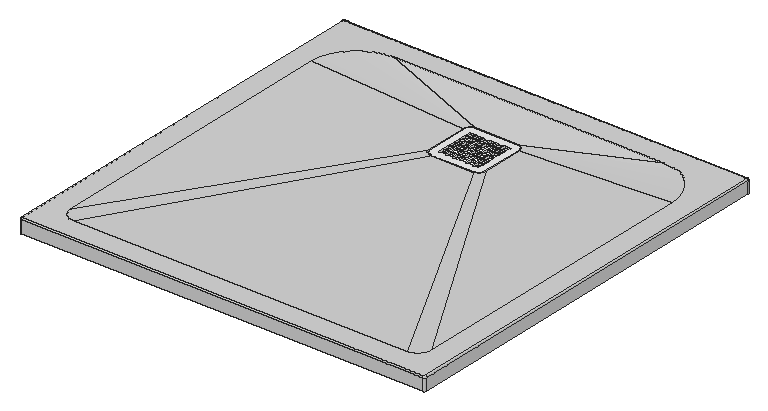
Revit family "IS_UltraFlatS_K8215_BIM_DE", category Plumbing Fixtures, host Face, Revit 2016
Family settings
  Host = Face
  Part Type = Normal
  Round Connector Dimension = Use Diameter
  OmniClass Number = 23.45.05.14.21.11
  OmniClass Title = Bath/Shower Units
  Cut with Voids When Loaded = No
  Shared = No
  Room Calculation Point = No
Parameters (values of type "K8215FS - ULTRAFLAT S PD 90X90 GRIGIO CEMENTO")
  WarrantyStartDate = "n/a"
  WarrantyGuarantorParts = "n/a"
  WarrantyGuarantorLabor = "n/a"
  WarrantyDurationUnit = "n/a"
  WarrantyDurationParts = "n/a"
  WarrantyDurationLabor = "n/a"
  WarrantyDescription = "n/a"
  WFU = 0
  VolumeUnits = "Litres"
  Version = "1"
  Uniclass2015Version = "Products v1.1"
  Uniclass2015Title = "Shower trays"
  Uniclass2015Code = "Pr_40_20_06_84"
  URL = "www.idealstandard.de"
  Type Comments = "n/a"
  TagNumber = "n/a"
  SustainabilityPerformance = "n/a"
  Space = "Internal"
  Size = "900 x 900 x 30 mm"
  Shape = "Rectangular"
  SerialNumber = "n/a"
  ReplacementCost = "n/a"
  ProductInformation = "www.idealstandard.de"
  PredefinedType = "n/a"
  Phone = "+49228 5210"
  NominalWidth = 900 mm
  NominalLength = 900 mm
  NominalHeight = 30 mm
  NominalDepth = 0 mm
  Name = "ISI_IdealStandard_Showers_Ultra Flat S_K8215FS"
  ModelReference = "IS Quadratische-Brausewanne ULTRAFLAT S, 900x900x30mm, Quarzgrau"
  ModelNumber = "K8215FS"
  Model = "K8215FS"
  Material = "Sanitary Brass"
  ManufacturerURL = "www.idealstandard.de"
  Manufacturer = "idealstandard.de@idealstandard.com"
  MainMaterial = IS_RenderMaterial_Grey
  LinearUnits = "millimeters"
  Keynote = ""
  InstallationInstructions = "www.idealstandard.de\\produkte"
  InstallationDate = "1900-12-31T23:59:59"
  Help = "idealstandard.de@idealstandard.com"
  HWFU = 0
  GrossWeight = "30,5 kg"
  Grade = "n/a"
  Finish = "Concrete Grey"
  Features = "ULTRA FLAT S square shower tray 900x900mm"
  ExpectedLife = "25"
  DurationUnit = "year"
  DistributedBy = "n/a"
  Description = "Ultraflat S Pd 90 x 90 Grigio Cemento"
  Default Elevation = 0 mm
  CurrencyUnit = "€"
  CreatedOn = "42774"
  Cost = 0
  Constituents = "n/a"
  ConnectionType = "Plumbing"
  Color = "Concrete Grey"
  CodePerformance = "0"
  CWFU = 0
  Brand = "Ideal Standard"
  BarCode = "4015413070515"
  BIMObjectName = "ISI_IdealStandard_Showers_Ultra Flat S_K8215FS"
  Author = "Ideal Standard"
  AssetType = "Fixed"
  AssetIdentifier = "n/a"
  Assembly Code = "C1030200"
  AreaUnits = "millimeters"
  AreaMeasurement = "n/a"
  Accessories = "www.idealstandard.de\\ersatzteile"
  AccessibilityPerformance = "n/a"
Types (5, lengths in mm): name | Name | ModelReference | ModelNumber | Model | MainMaterial | Finish | Description | Color | BarCode | BIMObjectName
  K8215FR - ULTRAFLAT S PD 90X90 BIANCO | "ISI_IdealStandard_Showers_Ultra Flat S_K8215FR" | "IS Quadratische-Brausewanne ULTRAFLAT S, 900x900x30mm, Carraraweiß" | "K8215FR" | "K8215FR" | IS_RenderMaterial_White | "Pure White" | "Ultraflat S Pd 90 x 90 Bianco" | "Pure White" | "4015413067522" | "ISI_IdealStandard_Showers_Ultra Flat S_K8215FR"
  K8215FT - ULTRAFLAT S PD 90X90 SABBIA | "ISI_IdealStandard_Showers_Ultra Flat S_K8215FT" | "IS Quadratische-Brausewanne ULTRAFLAT S, 900x900x30mm, Sandstein" | "K8215FT" | "K8215FT" | IS_RenderMaterial_Sand | "Beach Sand" | "Ultraflat S Pd 90 x 90 Sabbia" | "Beach Sand" | "4015413070898" | "ISI_IdealStandard_Showers_Ultra Flat S_K8215FT"
  K8215FV - ULTRAFLAT S PD 90X90 NERO | "ISI_IdealStandard_Showers_Ultra Flat S_K8215FV" | "IS Quadratische-Brausewanne ULTRAFLAT S, 900x900x30mm, Schiefer" | "K8215FV" | "K8215FV" | IS_RenderMaterial_Black | "Jet Black" | "Ultraflat S Pd 90 x 90 Nero" | "Jet Black" | "4015413071642" | "ISI_IdealStandard_Showers_Ultra Flat S_K8215FV"
  K8215FS - ULTRAFLAT S PD 90X90 GRIGIO CEMENTO | "ISI_IdealStandard_Showers_Ultra Flat S_K8215FS" | "IS Quadratische-Brausewanne ULTRAFLAT S, 900x900x30mm, Quarzgrau" | "K8215FS" | "K8215FS" | IS_RenderMaterial_Grey | "Concrete Grey" | "Ultraflat S Pd 90 x 90 Grigio Cemento" | "Concrete Grey" | "4015413070515" | "ISI_IdealStandard_Showers_Ultra Flat S_K8215FS"
  K8215FU - ULTRAFLAT S PD 90X90 MOKA | "ISI_IdealStandard_Showers_Ultra Flat S_K8215FU" | "IS Quadratische-Brausewanne ULTRAFLAT S, 900x900x30mm, Lavabraun" | "K8215FU" | "K8215FU" | IS_RenderMaterial_Moka | "Deep Moka" | "Ultraflat S Pd 90 x 90 Moka" | "Deep Moka" | "4015413071307" | "ISI_IdealStandard_Showers_Ultra Flat S_K8215FU"
Reference planes
  plane 1 "Center (Front/Back)": y = 0
  plane 2: z = 0
  plane 3 "Center (Left/Right)": x = 0
  plane 4: y = -900
  plane 5: x = -450
  plane 6: x = 450
  plane 7: z = 30
  plane 8: y = -850
Forms (mm)
  Extrusion 1, solid, material "IS_RenderMaterial_Grey" <- "MainMaterial"
    sketch origin (0, 0, 0) x (1, 0, 0) y (0, 1, 0)
      loop
        arc (-445, 0) -> (-448.536, -1.464) -> (-450, -5) r 5
        line (-450, -5) -> (-450, -895)
        arc (-450, -895) -> (-448.536, -898.536) -> (-445, -900) r 5
        line (-445, -900) -> (445, -900)
        arc (445, -900) -> (448.536, -898.536) -> (450, -895) r 5
        line (450, -895) -> (450, -5)
        arc (450, -5) -> (448.536, -1.464) -> (445, 0) r 5
        line (445, 0) -> (-445, 0)
    from 0 to 30
  Blend 2, void
    base sketch origin (0, 39.744, 30) x (-1, 0, 0) y (0, -1, 0)
      loop
        arc (300, 89.744) -> (370.711, 119.033) -> (400, 189.744) r 100
        line (400, 189.744) -> (400, 859.744)
        arc (400, 859.744) -> (391.213, 880.957) -> (370, 889.744) r 30
        line (370, 889.744) -> (-370, 889.744)
        arc (-370, 889.744) -> (-391.213, 880.957) -> (-400, 859.744) r 30
        line (-400, 859.744) -> (-400, 189.744)
        arc (-400, 189.744) -> (-370.711, 119.033) -> (-300, 89.744) r 100
        line (-300, 89.744) -> (300, 89.744)
    top sketch origin (0, 39.744, 30) x (-1, 0, 0) y (0, -1, 0)
      loop
        arc (47.5, 177.244) -> (58.107, 181.637) -> (62.5, 192.244) r 15
        line (62.5, 192.244) -> (62.5, 287.244)
        arc (62.5, 287.244) -> (58.107, 297.85) -> (47.5, 302.244) r 15
        line (47.5, 302.244) -> (-47.5, 302.244)
        arc (-47.5, 302.244) -> (-58.107, 297.85) -> (-62.5, 287.244) r 15
        line (-62.5, 287.244) -> (-62.5, 192.244)
        arc (-62.5, 192.244) -> (-58.107, 181.637) -> (-47.5, 177.244) r 15
        line (-47.5, 177.244) -> (47.5, 177.244)
    from 0 to -15
  Revolve 3, void
    sketch origin (-65.411, -200, 1219.2) x (-1, 0, 0) y (0, 0, 1)
      loop
        line (-65.411, -1219.2) -> (-20.411, -1219.2) -> (-20.411, -1214.2) -> (-13.411, -1207.2) -> (-65.411, -1207.2) -> (-65.411, -1219.2)
      axis (-65.411, -1219.2) -> (-65.411, -1207.2)
    angle from 0 to 360
  Extrusion 4, void
    sketch origin (0, -134.515, 12) x (-1, 0, 0) y (0, 1, 0)
      loop
        arc (-47.5, -2.985) -> (-58.107, -7.379) -> (-62.5, -17.985) r 15
        line (-62.5, -17.985) -> (-62.5, -112.985)
        arc (-62.5, -112.985) -> (-58.107, -123.592) -> (-47.5, -127.985) r 15
        line (-47.5, -127.985) -> (47.5, -127.985)
        arc (47.5, -127.985) -> (58.107, -123.592) -> (62.5, -112.985) r 15
        line (62.5, -112.985) -> (62.5, -17.985)
        arc (62.5, -17.985) -> (58.107, -7.379) -> (47.5, -2.985) r 15
        line (47.5, -2.985) -> (-47.5, -2.985)
    from 0 to -3
  Extrusion 5, solid, material "Chrome - Polished"
    sketch origin (0, -134.515, 12) x (0, 1, 0) y (-1, 0, 0)
      loop
        arc (-4.985, 46.539) -> (-9.074, 56.411) -> (-18.946, 60.5) r 13.961
        line (-18.946, 60.5) -> (-111.985, 60.5)
        arc (-111.985, 60.5) -> (-121.885, 56.399) -> (-125.985, 46.5) r 14
        line (-125.985, 46.5) -> (-125.985, -46.5)
        arc (-125.985, -46.5) -> (-121.885, -56.399) -> (-111.985, -60.5) r 14
        line (-111.985, -60.5) -> (-18.985, -60.5)
        arc (-18.985, -60.5) -> (-9.086, -56.399) -> (-4.985, -46.5) r 14
        line (-4.985, -46.5) -> (-4.985, 46.539)
      loop
        line (-64.007, 45) -> (-64.007, 32) -> (-52.007, 32) -> (-52.007, 45) -> (-64.007, 45)
      loop
        line (-49.007, 45) -> (-49.007, 32) -> (-37.007, 32) -> (-37.007, 45) -> (-49.007, 45)
      loop
        line (-34.007, 45) -> (-34.007, 32) -> (-22.007, 32) -> (-22.007, 45) -> (-34.007, 45)
      loop
        line (-34.007, 29) -> (-34.007, 16) -> (-22.007, 16) -> (-22.007, 29) -> (-34.007, 29)
      loop
        line (-34.007, 13) -> (-34.007, 1.526) -> (-22.007, 1.526) -> (-22.007, 13) -> (-34.007, 13)
      loop
        line (-37.007, 29) -> (-49.007, 29) -> (-49.007, 16) -> (-37.007, 16) -> (-37.007, 29)
      loop
        line (-37.007, 13) -> (-49.007, 13) -> (-49.007, 1.526) -> (-37.007, 1.526) -> (-37.007, 13)
      loop
        line (-52.007, 29) -> (-64.007, 29) -> (-64.007, 16) -> (-52.007, 16) -> (-52.007, 29)
      loop
        line (-52.007, 13) -> (-64.007, 13) -> (-64.007, 1.526) -> (-52.007, 1.526) -> (-52.007, 13)
      loop
        line (-64.007, -45) -> (-52.007, -45) -> (-52.007, -32) -> (-64.007, -32) -> (-64.007, -45)
      loop
        line (-49.007, -45) -> (-37.007, -45) -> (-37.007, -32) -> (-49.007, -32) -> (-49.007, -45)
      loop
        line (-34.007, -45) -> (-22.007, -45) -> (-22.007, -32) -> (-34.007, -32) -> (-34.007, -45)
      loop
        line (-34.007, -29) -> (-22.007, -29) -> (-22.007, -16) -> (-34.007, -16) -> (-34.007, -29)
      loop
        line (-34.007, -13) -> (-22.007, -13) -> (-22.007, -1.526) -> (-34.007, -1.526) -> (-34.007, -13)
      loop
        line (-37.007, -29) -> (-37.007, -16) -> (-49.007, -16) -> (-49.007, -29) -> (-37.007, -29)
      loop
        line (-37.007, -13) -> (-37.007, -1.526) -> (-49.007, -1.526) -> (-49.007, -13) -> (-37.007, -13)
      loop
        line (-52.007, -29) -> (-52.007, -16) -> (-64.007, -16) -> (-64.007, -29) -> (-52.007, -29)
      loop
        line (-52.007, -13) -> (-52.007, -1.526) -> (-64.007, -1.526) -> (-64.007, -13) -> (-52.007, -13)
      loop
        line (-66.963, 45) -> (-78.963, 45) -> (-78.963, 32) -> (-66.963, 32) -> (-66.963, 45)
      loop
        line (-81.963, 45) -> (-93.963, 45) -> (-93.963, 32) -> (-81.963, 32) -> (-81.963, 45)
      loop
        line (-96.963, 45) -> (-108.963, 45) -> (-108.963, 32) -> (-96.963, 32) -> (-96.963, 45)
      loop
        line (-96.963, 29) -> (-108.963, 29) -> (-108.963, 16) -> (-96.963, 16) -> (-96.963, 29)
      loop
        line (-96.963, 13) -> (-108.963, 13) -> (-108.963, 1.526) -> (-96.963, 1.526) -> (-96.963, 13)
      loop
        line (-93.963, 29) -> (-93.963, 16) -> (-81.963, 16) -> (-81.963, 29) -> (-93.963, 29)
      loop
        line (-93.963, 13) -> (-93.963, 1.526) -> (-81.963, 1.526) -> (-81.963, 13) -> (-93.963, 13)
      loop
        line (-78.963, 29) -> (-78.963, 16) -> (-66.963, 16) -> (-66.963, 29) -> (-78.963, 29)
      loop
        line (-78.963, 13) -> (-78.963, 1.526) -> (-66.963, 1.526) -> (-66.963, 13) -> (-78.963, 13)
      loop
        line (-66.963, -45) -> (-66.963, -32) -> (-78.963, -32) -> (-78.963, -45) -> (-66.963, -45)
      loop
        line (-81.963, -45) -> (-81.963, -32) -> (-93.963, -32) -> (-93.963, -45) -> (-81.963, -45)
      loop
        line (-96.963, -45) -> (-96.963, -32) -> (-108.963, -32) -> (-108.963, -45) -> (-96.963, -45)
      loop
        line (-96.963, -29) -> (-96.963, -16) -> (-108.963, -16) -> (-108.963, -29) -> (-96.963, -29)
      loop
        line (-96.963, -13) -> (-96.963, -1.526) -> (-108.963, -1.526) -> (-108.963, -13) -> (-96.963, -13)
      loop
        line (-93.963, -29) -> (-81.963, -29) -> (-81.963, -16) -> (-93.963, -16) -> (-93.963, -29)
      loop
        line (-93.963, -13) -> (-81.963, -13) -> (-81.963, -1.526) -> (-93.963, -1.526) -> (-93.963, -13)
      loop
        line (-78.963, -29) -> (-66.963, -29) -> (-66.963, -16) -> (-78.963, -16) -> (-78.963, -29)
      loop
        line (-78.963, -13) -> (-66.963, -13) -> (-66.963, -1.526) -> (-78.963, -1.526) -> (-78.963, -13)
    from 0 to 3
  Sweep 6, void
    path in 3D
      loop
        arc (445, -900, 30) -> (448.536, -898.536, 30) -> (450, -895, 30) r 5
        line (450, -895, 30) -> (450, -5, 30)
        arc (450, -5, 30) -> (448.536, -1.464, 30) -> (445, 0, 30) r 5
        line (445, 0, 30) -> (-445, 0, 30)
        arc (-445, 0, 30) -> (-448.536, -1.464, 30) -> (-450, -5, 30) r 5
        line (-450, -5, 30) -> (-450, -895, 30)
        arc (-450, -895, 30) -> (-448.536, -898.536, 30) -> (-445, -900, 30) r 5
        line (-445, -900, 30) -> (445, -900, 30)
    profile origin (0, -900, 30) x (0, 1, 0) y (0, 0, 1)
      loop
        line (0, 0) -> (0, -3)
        arc (0, -3) -> (0.879, -0.879) -> (3, 0) r 3
        line (3, 0) -> (0, 0)
Cuts and joins
  Blend 2, Revolve 3, Extrusion 4, Sweep 6 cuts Extrusion 1
  Blend 2 cuts Extrusion 5
Lines and regions (mm)
  sketch lines
    curve 1: line (-445, -900, 30) -> (445, -900, 30)
    curve 2: arc (450, -895, 30) -> (448.536, -898.536, 30) -> (445, -900, 30) r 5
    curve 3: line (450, -895, 30) -> (450, -5, 30)
    curve 4: arc (-445, -900, 30) -> (-448.536, -898.536, 30) -> (-450, -895, 30) r 5
    curve 5: line (-450, -5, 30) -> (-450, -895, 30)
    curve 6: arc (-450, -5, 30) -> (-448.536, -1.464, 30) -> (-445, 0, 30) r 5
    curve 7: line (445, 0, 30) -> (-445, 0, 30)
    curve 8: arc (445, 0, 30) -> (448.536, -1.464, 30) -> (450, -5, 30) r 5
Dimensions and locks
  "NominalWidth": plane 5 to plane 6
  "NominalHeight": level to plane 7
  "NominalLength": plane 4 to plane 1 "Center (Front/Back)"
  aligned and locked: plane 2 to host face
  aligned and locked: level to host face
Automatic sketch dimensions
  host sketch curve to host sketch curve = 2438.4 mm
  host sketch curve to host sketch curve = 1539.2 mm
  Extrusion 1 sketch curve to plane 5 = 0 mm
  plane 4 to Extrusion 1 sketch curve = 0 mm
  plane 1 "Center (Front/Back)" to Extrusion 1 sketch curve = 0 mm
  Extrusion 1 sketch curve to plane 6 = 0 mm
  Extrusion 1 sketch curve to plane 5 = 5 mm
  Extrusion 1 sketch curve to Extrusion 1 sketch curve = 5 mm
  Extrusion 1 sketch curve to plane 6 = 5 mm  (x2)
  plane 8 to Blend 2 sketch curve = 0 mm
  Blend 2 sketch curve to plane 8 = 30 mm  (x2)
  Blend 2 sketch curve to plane 6 = 50 mm
  Blend 2 sketch curve to Blend 2 sketch curve = 100 mm
  Blend 2 sketch curve to plane 5 = 150 mm
  Blend 2 sketch curve to plane 5 = 80 mm
  plane 1 "Center (Front/Back)" to Blend 2 sketch curve = 150 mm
  plane 3 "Center (Left/Right)" to Blend 2 sketch curve = 62.5 mm
  Blend 2 sketch curve to Blend 2 sketch curve = 15 mm  (x3)
  Blend 2 sketch curve to plane 3 "Center (Left/Right)" = 47.5 mm  (x2)
  plane 1 "Center (Front/Back)" to Blend 2 sketch curve = 137.5 mm
  Blend 2 sketch curve to Blend 2 sketch curve = 95 mm
  Revolve 3 sketch curve to level = 0 mm
  Revolve 3 sketch curve to plane 3 "Center (Left/Right)" = 0 mm  (x2)
  level to Revolve 3 sketch curve = 5 mm
  Revolve 3 sketch curve to plane 3 "Center (Left/Right)" = 45 mm
  Revolve 3 sketch curve to Revolve 3 sketch curve = 7 mm
  Revolve 3 sketch curve to Revolve 3 sketch curve = 12 mm
  Revolve 3 sketch curve to level = 10 mm
  plane 7 to Revolve 3 sketch curve = 7.813 mm
  plane 3 "Center (Left/Right)" to Extrusion 4 sketch curve = 62.5 mm
  Extrusion 4 sketch curve to Extrusion 4 sketch curve = 15 mm  (x3)
  Extrusion 4 sketch curve to plane 3 "Center (Left/Right)" = 47.5 mm  (x2)
  plane 1 "Center (Front/Back)" to Extrusion 4 sketch curve = 137.5 mm
  Extrusion 4 sketch curve to Extrusion 4 sketch curve = 95 mm
  plane 3 "Center (Left/Right)" to Extrusion 5 sketch curve = 46.5 mm
  plane 1 "Center (Front/Back)" to Extrusion 5 sketch curve = 260.5 mm
  Extrusion 5 sketch curve to Extrusion 5 sketch curve = 14 mm  (x3)
  Extrusion 5 sketch curve to Extrusion 5 sketch curve = 3.022 mm  (x3)
  Extrusion 5 sketch curve to Extrusion 5 sketch curve = 0 mm  (x56)
  plane 3 "Center (Left/Right)" to Extrusion 5 sketch curve = 1.526 mm  (x6)
  Extrusion 5 sketch curve to Extrusion 5 sketch curve = 12 mm  (x18)
  Extrusion 5 sketch curve to Extrusion 5 sketch curve = 3 mm  (x37)
  Extrusion 5 sketch curve to Extrusion 5 sketch curve = 2.956 mm  (x6)
  Extrusion 5 sketch curve to Extrusion 5 sketch curve = 3.061 mm
  Extrusion 5 sketch curve to Extrusion 5 sketch curve = 1.5 mm  (x3)
  Extrusion 5 sketch curve to Extrusion 5 sketch curve = 13 mm  (x9)
  Extrusion 5 sketch curve to plane 3 "Center (Left/Right)" = 1.526 mm  (x6)
  Extrusion 5 sketch curve to Extrusion 5 sketch curve = 11.474 mm  (x2)
  Sweep 6 sketch curve to profile plane = 0 mm  (x2)
  Sweep 6 sketch curve to profile plane = 3 mm
Connectors
  piping at (0, -200, 0), diameter 90
    settings: on cut or joined group of Extrusion 1, Blend 2, Revolve 3, Extrusion 4, Sweep 6, index 1, connector inside diameter 609.6 mm, connector length 0 mm, flow factor 0, pipe flow 0.0 L/s, pressure drop 0.0 Pa, fitting loss kfactor 0, connector angle 0.00°, fixture units 0, engagement length 0 mm, angle of deflection 0.00°, flow configuration 2, flow direction 2, fitting loss method 0, system type 16, joint type 0, gender type 0, connector reference index -1, connector utility 0, adjustable connector no, is connector primary yes, connector description ""
